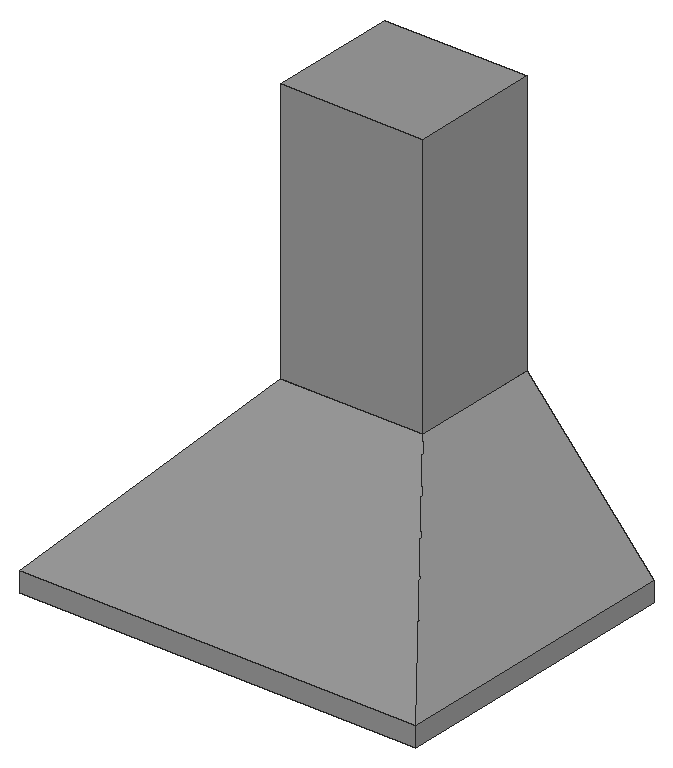
Revit family "Parex_SpecialityEquipment_Carla_Rangehood", category Specialty Equipment, Revit 2023
Family settings
  Round Connector Dimension = Use Diameter
  Part Type = Normal
  Work Plane-Based = No
  Enable Cutting in Views = Yes
  Always vertical = Yes
  Cut with Voids When Loaded = No
  Maintain Annotation Orientation = No
  Shared = No
  Room Calculation Point = No
Parameters
  Width = 600 mm
  WarrantyDescription = "5-Year in-home warranty on hood, 10-Year in-home warranty on motor"
  URL = "https://amorehomes.co.nz/"
  Type IFC Predefined Type = "NOTDEFINED"
  Specifications = "Quiet operation with external motor\r\nExpel smoke, grease, smells & steam outside\r\nEasy control with soft touch eye level controls\r\nGreat control with 5-speed levels\r\n15-Minute delay timer with auto shut-off\r\nTwin LED lights gives you great stove top lighting\r\nSturdy hood made of 1mm 430 stainless steel\r\nStainless steel dishwasher safe filters\r\nRemote control for optimum convenience\r\nDimensions: 600mm wide x 450mm deep\r\nIncludes 5m ducting"
  MountType = "Wall-Mount"
  Model = "Carla 600mm Wall-Mount Rangehood"
  Material = Parex_Metal_430 Stainless Steel
  Manufacturer = "Amore Homes"
  HoodThickness = 30 mm
  HeightOffset = 248.3 mm
  Height = 1000 mm
  FilterMaterial = Parex_Metal_Filter
  Export Type to IFC As = "IfcElectricApplianceType"
  Description = "The Carla 600mm wall-mounted rangehood is suitable for up to a 600mm cooktop. The Carla is great for smaller spaces and can be paired with a motor tosuit your cooking requirements."
  Depth = 450 mm
  Default Elevation = Height  # 1000 mm
  ChimneyWidth = 215 mm
  ChimneyHeightInput [instance] = 0 mm
  ChimneyHeight [instance] = if(ChimneyHeightInput < 400 mm, 400 mm, if(ChimneyHeightInput > 750 mm, 750 mm, ChimneyHeightInput))  # 400 mm
  ChimneyDepth = 197 mm
  Calc_RearFrameWidth = 90 mm
  Calc_FrameOffset = 10.326 mm
Reference planes
  plane 1 "Center (Front/Back)": y = 0
  plane 2: z = 0
  plane 3 "Center (Left/Right)": x = 0
  plane 4 "HoodBase": z = 862.038
  plane 5 "Left": x = -300
  plane 6 "Right": x = 300
  plane 7 "Front": y = -450
  plane 8 "ChimneyLeft": x = -107.5
  plane 9 "ChimneyRight": x = 107.5
  plane 10 "ChimneyFront": y = -197
  plane 11 "HoodTop": z = 892.038
  plane 12 "ChimneyTop": z = 1510.338
  plane 13: y = -90
  plane 14: x = -289.674
  plane 15: x = 289.674
  plane 16: y = -429.704
  plane 17: x = -96.558
  plane 18: x = 96.558
  plane 19: y = -45
  plane 20: x = -193.116
  plane 21: x = 193.116
  plane 22 "AngledHeight": z = 1110.338
Forms (mm)
  Extrusion 1, solid, material "Parex_Metal_430 Stainless Steel" <- "Material"
    sketch origin (0, 0, 0) x (1, 0, 0) y (0, 1, 0)
      loop
        line (-300, -450) -> (300, -450) -> (300, 0) -> (-300, 0) -> (-300, -450)
    from 862.038 to 892.038
  Extrusion 2, solid, material "Parex_Metal_430 Stainless Steel" <- "Material"
    sketch origin (0, 0, 0) x (1, 0, 0) y (0, 1, 0)
      loop
        line (-107.5, 0) -> (-107.5, -197) -> (107.5, -197) -> (107.5, 0) -> (-107.5, 0)
    from 1110.338 to 1510.338
  Blend 3, solid, material "Parex_Metal_430 Stainless Steel" <- "Material"
    base sketch origin (0, 0, 862.038) x (-1, 0, 0) y (0, -1, 0)
      loop
        line (300, 450) -> (-300, 450) -> (-300, 0) -> (300, 0) -> (300, 450)
    top sketch origin (0, 0, 862.038) x (-1, 0, 0) y (0, -1, 0)
      loop
        line (107.5, 0) -> (107.5, 197) -> (-107.5, 197) -> (-107.5, 0) -> (107.5, 0)
    from 30 to 248.3
Lines and regions (mm)
  model lines, detail levels medium+fine
    curve 1: line (-289.674, -90, 862.038) -> (289.674, -90, 862.038)
    curve 2: line (289.674, -429.704, 862.038) -> (-289.674, -429.704, 862.038)
    curve 3: line (-289.674, -429.704, 862.038) -> (-289.674, -90, 862.038)
    curve 4: line (289.674, -429.704, 862.038) -> (289.674, -90, 862.038)
Dimensions and locks
  equal spacing: plane 5 "Left", plane 3 "Center (Left/Right)", plane 6 "Right"
  "Width": plane 5 "Left" to plane 6 "Right"
  "Depth": plane 7 "Front" to plane 1 "Center (Front/Back)"
  equal spacing: plane 8 "ChimneyLeft", plane 3 "Center (Left/Right)", plane 9 "ChimneyRight"
  "ChimneyDepth": plane 10 "ChimneyFront" to plane 1 "Center (Front/Back)"
  "ChimneyWidth": plane 8 "ChimneyLeft" to plane 9 "ChimneyRight"
  "Calc_FrameOffset": plane 5 "Left" to plane 14
  "Calc_FrameOffset": plane 15 to plane 6 "Right"
  equal spacing: plane 14, plane 17, plane 18, plane 15
  "Calc_RearFrameWidth": plane 1 "Center (Front/Back)" to plane 13
  equal spacing: plane 14, plane 20, plane 17
  equal spacing: plane 18, plane 21, plane 15
  equal spacing: plane 1 "Center (Front/Back)", plane 19, plane 13
  "ChimneyHeight": plane 12 "ChimneyTop" to plane 22 "AngledHeight"
  "HoodThickness": plane 11 "HoodTop" to plane 4 "HoodBase"
  "HeightOffset": plane 22 "AngledHeight" to plane 4 "HoodBase"
  locked: plane 7 "Front" to plane 16 at 20.296
  aligned and locked: level to plane 2
  aligned and locked: Extrusion 1 sketch curve to plane 7 "Front"
  aligned and locked: Extrusion 1 sketch curve to plane 5 "Left"
  aligned and locked: Extrusion 1 sketch curve to plane 1 "Center (Front/Back)"
  aligned and locked: Extrusion 1 sketch curve to plane 6 "Right"
  aligned and locked: plane 11 "HoodTop" to Extrusion 1
  aligned and locked: Extrusion 1 to plane 4 "HoodBase"
  aligned and locked: Extrusion 2 sketch curve to plane 8 "ChimneyLeft"
  aligned and locked: Extrusion 2 sketch curve to plane 10 "ChimneyFront"
  aligned and locked: Extrusion 2 sketch curve to plane 9 "ChimneyRight"
  aligned and locked: Extrusion 2 sketch curve to plane 1 "Center (Front/Back)"
  aligned and locked: plane 12 "ChimneyTop" to Extrusion 2
  aligned and locked: curve 1 to plane 13
  aligned and locked: curve 2 to plane 16
  aligned and locked: curve 3 to plane 14
  aligned and locked: curve 4 to plane 15
  aligned and locked: nested 1 to plane 19
  aligned and locked: plane 20 to nested 1
  aligned and locked: plane 4 "HoodBase" to nested 2
  aligned and locked: plane 21 to nested 3
  aligned and locked: plane 19 to nested 3
  aligned and locked: Blend 3 sketch curve to plane 5 "Left"
  aligned and locked: Blend 3 sketch curve to plane 7 "Front"
  aligned and locked: Blend 3 sketch curve to plane 6 "Right"
  aligned and locked: Blend 3 sketch curve to plane 1 "Center (Front/Back)"  (x2)
  aligned and locked: Blend 3 sketch curve to plane 8 "ChimneyLeft"
  aligned and locked: Blend 3 sketch curve to plane 9 "ChimneyRight"
  aligned and locked: Blend 3 sketch curve to plane 10 "ChimneyFront"
  aligned and locked: plane 22 "AngledHeight" to Blend 3
  aligned and locked: Blend 3 to plane 11 "HoodTop"
  aligned and locked: Extrusion 2 to plane 22 "AngledHeight"
  aligned and locked: plane 16 to nested 4
  aligned and locked: plane 13 to nested 4
  aligned and locked: nested 4 to plane 3 "Center (Left/Right)"
  aligned and locked: plane 15 to nested 4
  aligned and locked: plane 16 to nested 2
  aligned and locked: plane 13 to nested 2
  aligned and locked: nested 2 to plane 3 "Center (Left/Right)"
  aligned and locked: plane 14 to nested 2
Nested families
  nested 1: "Parex_Generic_Spotlight" at (-193.116, -45, 862.038), type "Parex_Generic_Spotlight", detail levels medium+fine
  nested 2: "Parex_Generic_Filter" at (-144.837, -429.704, 859.481), FrameMaterial <- "Material", type "Parex_Generic_Filter", detail levels medium+fine
    with Width 289.674 mm, Depth 339.704 mm
  nested 3: "Parex_Generic_Spotlight" at (193.116, -45, 862.038) x (-1, 0, 0) z (0, 0, 1), type "Parex_Generic_Spotlight", detail levels medium+fine
  nested 4: "Parex_Generic_Filter" at (144.837, -429.704, 859.481), type "Parex_Generic_Filter", detail levels medium+fine
    with Width 289.674 mm, Depth 339.704 mm
Connectors
  hvac at (0, -98.5, 1510.338), driven by "ChimneyDepth", driven by "ChimneyWidth"
    settings: on Extrusion 2, index 1, duct flow 0.0 L/s, flow factor 0, pres drop 0.0 Pa, loss coef 0, conn angle 0.00°, conn width 215 mm, conn height 197 mm, conn diameter 609.6 mm, duct sys type 3, conn prof type 1, flow config 0, flow direction 0, loss method 0, conn ref index -1, conn util no, is conn primary yes, conn desc ""
Definition of nested family "Parex_Generic_Spotlight"
  Parameters (values of type "Parex_Generic_Spotlight")
    SpotlightMaterial = none
    SpotlightFrameMaterial = none
    InnerDiameter = Diameter - 5 mm  # 45 mm
    Diameter = 50 mm
    Default Elevation = 0 mm
  Reference planes
    plane 1 "Center (Front/Back)": y = 0
    plane 2: z = 0
    plane 3 "Center (Left/Right)": x = 0
    plane 4: z = -2.125
  Forms (mm)
    Extrusion 1, solid, material <- "SpotlightFrameMaterial", detail levels fine
      sketch origin (0, 0, 0) x (1, 0, 0) y (0, 1, 0)
        loop
          circle (0, 0) r 25
        loop
          circle (0, 0) r 22.5
      from -2.125 to 0
    Extrusion 2, solid, material <- "SpotlightMaterial", detail levels fine
      sketch origin (0, 0, 0) x (1, 0, 0) y (0, 1, 0)
        loop
          circle (0, 0) r 22.5
      from -2.125 to 0
  Lines and regions (mm)
    reference lines
      curve 1: circle (0, 0, 0) r 25 normal (0, 0, 1)
      curve 2: circle (0, 0, 0) r 22.5 normal (0, 0, 1)
    model lines
      curve 3: circle (0, 0, 0) r 25 normal (0, 0, 1)
      curve 4: circle (0, 0, 0) r 22.5 normal (0, 0, 1)
  Dimensions and locks
    "Diameter": diameter of curve 1
    "InnerDiameter": diameter of curve 2
    aligned and locked: level to plane 2
    aligned and locked: curve 3 to curve 1
    aligned and locked: curve 4 to curve 2
    aligned and locked: Extrusion 1 sketch curve to curve 1
    aligned and locked: Extrusion 1 sketch curve to curve 2
    aligned and locked: Extrusion 2 sketch curve to curve 2
    aligned and locked: Extrusion 1 to plane 4
    aligned and locked: Extrusion 2 to plane 4
    aligned and locked: plane 2 to Extrusion 1
    aligned and locked: plane 2 to Extrusion 2
  Automatic sketch dimensions
    curve 1 to curve 2 = 0 mm  (x2)
    plane 1 "Center (Front/Back)" to curve 2 = 0 mm
    curve 2 to plane 3 "Center (Left/Right)" = 0 mm
Definition of nested family "Parex_Generic_Filter"
  Parameters (values of type "Parex_Generic_Filter")
    Width [instance] = 300 mm
    HandleWidth = 60 mm
    HandleDepth = 50 mm
    GrillMaterial = none
    FrameWidth = 5 mm
    FrameMaterial [instance] = none
    Depth [instance] = 600 mm
    Default Elevation = 0 mm
  Reference planes
    plane 1 "Center (Front/Back)": y = 0
    plane 2: z = 0
    plane 3 "Center (Left/Right)": x = 0
    plane 4: x = -150
    plane 5: x = 150
    plane 6: y = 600
    plane 7: x = -145
    plane 8: y = 5
    plane 9: x = 145
    plane 10: y = 595
    plane 11: x = -30
    plane 12: y = 55
    plane 13: x = 30
    plane 14: y = 43
    plane 15: x = 10
    plane 16: y = 18
    plane 17: x = -10
    plane 18: z = 2.557
    plane 19: z = 1.225
  Forms (mm)
    Extrusion 1, solid, material <- "FrameMaterial", detail levels fine
      sketch origin (0, 0, 0) x (1, 0, 0) y (0, 1, 0)
        loop
          line (-150, 0) -> (150, 0) -> (150, 600) -> (-150, 600) -> (-150, 0)
        loop
          line (-145, 5) -> (-30, 5) -> (-30, 55) -> (30, 55) -> (30, 5) -> (145, 5) -> (145, 595) -> (-145, 595) -> (-145, 5)
      from 2.557 to 0
    Extrusion 2, solid, material <- "GrillMaterial", detail levels fine
      sketch origin (0, 0, 0) x (1, 0, 0) y (0, 1, 0)
        loop
          line (-145, 5) -> (-30, 5) -> (-30, 55) -> (30, 55) -> (30, 5) -> (145, 5) -> (145, 595) -> (-145, 595) -> (-145, 5)
      from 1.225 to 0
    Extrusion 3, solid, material <- "FrameMaterial", detail levels fine
      sketch origin (0, 0, 0) x (1, 0, 0) y (0, 1, 0)
        loop
          line (-145, 5) -> (-30, 5) -> (-30, 55) -> (30, 55) -> (30, 5) -> (145, 5) -> (145, 595) -> (-145, 595) -> (-145, 5)
      from 2.557 to 1.225
  Lines and regions (mm)
    model lines
      curve 1: line (150, 0, 0) -> (-150, 0, 0)
      curve 2: line (-150, 0, 0) -> (-150, 600, 0)
      curve 3: line (150, 0, 0) -> (150, 600, 0)
      curve 4: line (-150, 600, 0) -> (150, 600, 0)
      curve 5: line (145, 595, 0) -> (-145, 595, 0)
      curve 6: line (145, 5, 0) -> (145, 595, 0)
      curve 7: line (-145, 5, 0) -> (-145, 595, 0)
      curve 8: line (-145, 5, 0) -> (145, 5, 0)
      curve 9: line (-30, 5, 0) -> (-30, 55, 0)
      curve 10: line (30, 55, 0) -> (30, 5, 0)
      curve 11: line (-30, 55, 0) -> (30, 55, 0)
      curve 12: line (-10, 18, 0) -> (-10, 43, 0)
      curve 13: line (10, 43, 0) -> (10, 18, 0)
      curve 14: line (-10, 43, 0) -> (10, 43, 0)
      curve 15: line (10, 18, 0) -> (-10, 18, 0)
  Dimensions and locks
    equal spacing: plane 4, plane 3 "Center (Left/Right)", plane 5
    "Width": plane 4 to plane 5
    "Depth": plane 1 "Center (Front/Back)" to plane 6
    "FrameWidth": plane 1 "Center (Front/Back)" to plane 8
    "FrameWidth": plane 10 to plane 6
    "FrameWidth": plane 4 to plane 7
    "FrameWidth": plane 9 to plane 5
    equal spacing: plane 11, plane 3 "Center (Left/Right)", plane 13
    "HandleWidth": plane 11 to plane 13
    "HandleDepth": plane 12 to plane 8
    locked: plane 16 to plane 14 at 25
    equal spacing: plane 17, plane 3 "Center (Left/Right)", plane 15
    plane 17 to plane 15 = 20 mm
    locked: plane 12 to plane 14 at 12
    aligned and locked: level to plane 2
    aligned and locked: curve 1 to plane 1 "Center (Front/Back)"
    aligned and locked: curve 2 to plane 4
    aligned and locked: curve 3 to plane 5
    aligned and locked: curve 4 to plane 6
    aligned and locked: curve 5 to plane 10
    aligned and locked: curve 6 to plane 9
    aligned and locked: curve 7 to plane 7
    aligned and locked: curve 8 to plane 8
    aligned and locked: curve 9 to plane 11
    aligned and locked: curve 10 to plane 13
    aligned and locked: curve 11 to plane 12
    aligned and locked: curve 12 to plane 17
    aligned and locked: plane 15 to curve 13
    aligned and locked: curve 14 to plane 14
    aligned and locked: curve 15 to plane 16
    aligned and locked: plane 8 to curve 9
    aligned and locked: Extrusion 1 sketch curve to plane 4
    aligned and locked: Extrusion 1 sketch curve to plane 7
    aligned and locked: Extrusion 1 sketch curve to plane 9
    aligned and locked: Extrusion 1 sketch curve to plane 5
    aligned and locked: Extrusion 1 sketch curve to plane 1 "Center (Front/Back)"
    aligned and locked: Extrusion 1 sketch curve to plane 8
    aligned and locked: Extrusion 1 sketch curve to plane 13
    aligned and locked: Extrusion 1 sketch curve to plane 11
    aligned and locked: Extrusion 1 sketch curve to plane 12
    aligned and locked: Extrusion 1 sketch curve to plane 6
    aligned and locked: Extrusion 1 sketch curve to plane 10
    aligned and locked: Extrusion 2 sketch curve to plane 7
    aligned and locked: Extrusion 2 sketch curve to plane 8
    aligned and locked: Extrusion 2 sketch curve to plane 11
    aligned and locked: Extrusion 2 sketch curve to plane 13
    aligned and locked: Extrusion 2 sketch curve to plane 12
    aligned and locked: Extrusion 2 sketch curve to plane 9
    aligned and locked: Extrusion 2 sketch curve to plane 10
    aligned and locked: Extrusion 1 to plane 18
    aligned and locked: plane 2 to Extrusion 1
    aligned and locked: plane 2 to Extrusion 2
    aligned and locked: plane 19 to Extrusion 2
    aligned and locked: Extrusion 3 sketch curve to plane 8  (x2)
    aligned and locked: Extrusion 3 sketch curve to plane 13
    aligned and locked: Extrusion 3 sketch curve to plane 12
    aligned and locked: Extrusion 3 sketch curve to plane 11
    aligned and locked: Extrusion 3 sketch curve to plane 7
    aligned and locked: Extrusion 3 sketch curve to plane 9
    aligned and locked: Extrusion 3 sketch curve to plane 10
    aligned and locked: Extrusion 3 to plane 19
    aligned and locked: plane 18 to Extrusion 3
  Automatic sketch dimensions
    Extrusion 1 sketch curve to plane 8 = 0 mm
    Extrusion 2 sketch curve to plane 8 = 0 mm
